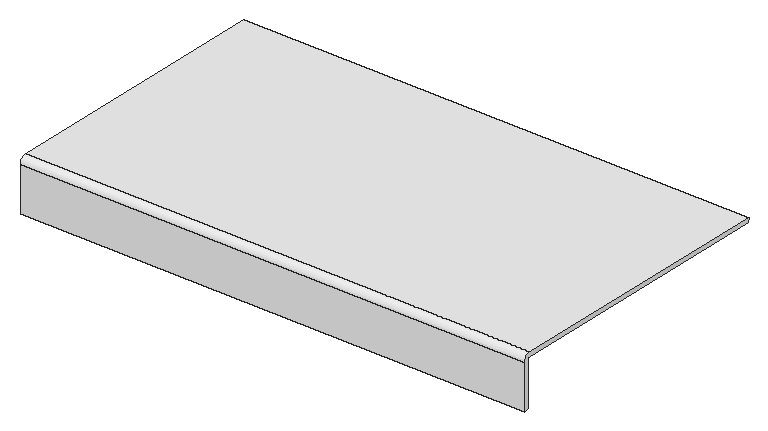
Revit family "JOMA_Gerberbeslag", category Structural Connections, host Face, Revit 2012
Parameters (values of type "5622120")
  t = 2.000 mm
  l = 120.000 mm
  h = 20.000 mm
  b = 220.000 mm
  Vikt = "0,46"
  Typ 220 Spikmönster 2 [instance] = and(Typ 220, Spikmönster 2, not(Spikmönster 1))  # no
  Typ 220 Spikmönster 1 [instance] = and(Typ 220, Spikmönster 1, not(Spikmönster 2))  # no
  Typ 220 = no
  Typ 200 Spikmönster 2 [instance] = and(Typ 200, Spikmönster 2, not(Spikmönster 1))  # no
  Typ 200 Spikmönster 1 [instance] = and(Typ 200, Spikmönster 1, not(Spikmönster 2))  # no
  Typ 200 = no
  Typ 180 Spikmönster 2 [instance] = and(Typ 180, Spikmönster 2, not(Spikmönster 1))  # no
  Typ 180 Spikmönster 1 [instance] = and(Typ 180, Spikmönster 1, not(Spikmönster 2))  # no
  Typ 180 = no
  Typ 160 Spikmönster 2 [instance] = and(Typ 160, Spikmönster 2, not(Spikmönster 1))  # no
  Typ 160 Spikmönster 1 [instance] = and(Typ 160, Spikmönster 1, not(Spikmönster 2))  # no
  Typ 160 = no
  Typ 140 Spikmönster 2 [instance] = and(Typ 140, Spikmönster 2, not(Spikmönster 1))  # no
  Typ 140 Spikmönster 1 [instance] = and(Typ 140, Spikmönster 1, not(Spikmönster 2))  # no
  Typ 140 = no
  Typ 120 Spikmönster 2 [instance] = and(Typ 120, Spikmönster 2, not(Spikmönster 1))  # no
  Typ 120 Spikmönster 1 [instance] = and(Typ 120, Spikmönster 1, not(Spikmönster 2))  # no
  Typ 120 = yes
  Typ = "TYP 120"
  Spikmönster 2 [instance] = no
  Spikmönster 1 [instance] = no
  Spik/skruv [instance] = "ANKARSPIK 4,0x40"
  Material = Varmförzinkad stålplåt
  Länk Joma Dimensioneringsverktyg = "http://www.joma.se/dimensioneringsverktyg"
  Default Elevation = 0.000 mm
  Antal spik/skruv [instance] = if(and(Spikmönster 1, Typ 120), 15, if(and(Spikmönster 1, Typ 140), 18, if(and(Spikmönster 1, Typ 160), 21, if(and(Spikmönster 1, Typ 180), 24, if(and(Spikmönster 1, Typ 200), 27, if(and(Spikmönster 1, Typ 220), 30, if(and(Spikmönster 2, Typ 120), 10, if(and(Spikmönster 2, Typ 140), 12, if(and(Spikmönster 2, Typ 160), 14, if(and(Spikmönster 2, Typ 180), 16, if(and(Spikmönster 2, Typ 200), 18, if(and(Spikmönster 2, Typ 220), 20, 0))))))))))))  # 0
Reference planes
  plane 1 "Center (Front/Back)": y = 0
  plane 2: z = 0
  plane 3 "Center (Left/Right)": x = 0
  plane 4: x = -110
  plane 5: x = 110
  plane 6: z = -20
  plane 7: y = 120
Forms (mm)
  Extrusion 1, solid, material "Varmförzinkad stålplåt" <- "Material"
    sketch origin (0, 0, 0) x (0, 1, 0) y (0, 0, 1)
      loop
        line (0, -20) -> (0, 0) -> (120, 0) -> (120, 2) -> (1, 2)
        arc (1, 2) -> (-1.121, 1.121) -> (-2, -1) r 3
        line (-2, -1) -> (-2, -20) -> (0, -20)
    from -110 to 110
Lines and regions (mm)
  symbolic lines, visible <- "Typ 220"
    curve 1: circle (-100, 210, 0) r 2.5 normal (0, 0, 1)
    curve 2: circle (-100, 190, 0) r 2.5 normal (0, 0, 1)
    curve 3: circle (-100, 170, 0) r 2.5 normal (0, 0, 1)
    curve 4: circle (-100, 150, 0) r 2.5 normal (0, 0, 1)
    curve 5: circle (-100, 130, 0) r 2.5 normal (0, 0, 1)
    curve 6: circle (-100, 110, 0) r 2.5 normal (0, 0, 1)
    curve 7: circle (-100, 90, 0) r 2.5 normal (0, 0, 1)
    curve 8: circle (-100, 70, 0) r 2.5 normal (0, 0, 1)
    curve 9: circle (-100, 50, 0) r 2.5 normal (0, 0, 1)
    curve 10: circle (-100, 30, 0) r 2.5 normal (0, 0, 1)
    curve 11: circle (-80, 200, 0) r 2.5 normal (0, 0, 1)
    curve 12: circle (-80, 180, 0) r 2.5 normal (0, 0, 1)
    curve 13: circle (-80, 160, 0) r 2.5 normal (0, 0, 1)
    curve 14: circle (-80, 140, 0) r 2.5 normal (0, 0, 1)
    curve 15: circle (-80, 120, 0) r 2.5 normal (0, 0, 1)
    curve 16: circle (-80, 100, 0) r 2.5 normal (0, 0, 1)
    curve 17: circle (-80, 80, 0) r 2.5 normal (0, 0, 1)
    curve 18: circle (-80, 60, 0) r 2.5 normal (0, 0, 1)
    curve 19: circle (-80, 40, 0) r 2.5 normal (0, 0, 1)
    curve 20: circle (-80, 20, 0) r 2.5 normal (0, 0, 1)
    curve 21: circle (-60, 210, 0) r 2.5 normal (0, 0, 1)
    curve 22: circle (-60, 190, 0) r 2.5 normal (0, 0, 1)
    curve 23: circle (-60, 170, 0) r 2.5 normal (0, 0, 1)
    curve 24: circle (-60, 150, 0) r 2.5 normal (0, 0, 1)
    curve 25: circle (-60, 130, 0) r 2.5 normal (0, 0, 1)
    curve 26: circle (-60, 110, 0) r 2.5 normal (0, 0, 1)
    curve 27: circle (-60, 90, 0) r 2.5 normal (0, 0, 1)
    curve 28: circle (-60, 70, 0) r 2.5 normal (0, 0, 1)
    curve 29: circle (-60, 50, 0) r 2.5 normal (0, 0, 1)
    curve 30: circle (-60, 30, 0) r 2.5 normal (0, 0, 1)
    curve 31: circle (100, 210, 0) r 2.5 normal (0, 0, -1)
    curve 32: circle (100, 190, 0) r 2.5 normal (0, 0, -1)
    curve 33: circle (100, 170, 0) r 2.5 normal (0, 0, -1)
    curve 34: circle (100, 150, 0) r 2.5 normal (0, 0, -1)
    curve 35: circle (100, 130, 0) r 2.5 normal (0, 0, -1)
    curve 36: circle (100, 110, 0) r 2.5 normal (0, 0, -1)
    curve 37: circle (100, 90, 0) r 2.5 normal (0, 0, -1)
    curve 38: circle (100, 70, 0) r 2.5 normal (0, 0, -1)
    curve 39: circle (100, 50, 0) r 2.5 normal (0, 0, -1)
    curve 40: circle (100, 30, 0) r 2.5 normal (0, 0, -1)
    curve 41: circle (80, 200, 0) r 2.5 normal (0, 0, -1)
    curve 42: circle (80, 180, 0) r 2.5 normal (0, 0, -1)
    curve 43: circle (80, 160, 0) r 2.5 normal (0, 0, -1)
    curve 44: circle (80, 140, 0) r 2.5 normal (0, 0, -1)
    curve 45: circle (80, 120, 0) r 2.5 normal (0, 0, -1)
    curve 46: circle (80, 100, 0) r 2.5 normal (0, 0, -1)
    curve 47: circle (80, 80, 0) r 2.5 normal (0, 0, -1)
    curve 48: circle (80, 60, 0) r 2.5 normal (0, 0, -1)
    curve 49: circle (80, 40, 0) r 2.5 normal (0, 0, -1)
    curve 50: circle (80, 20, 0) r 2.5 normal (0, 0, -1)
    curve 51: circle (60, 210, 0) r 2.5 normal (0, 0, -1)
    curve 52: circle (60, 190, 0) r 2.5 normal (0, 0, -1)
    curve 53: circle (60, 170, 0) r 2.5 normal (0, 0, -1)
    curve 54: circle (60, 150, 0) r 2.5 normal (0, 0, -1)
    curve 55: circle (60, 130, 0) r 2.5 normal (0, 0, -1)
    curve 56: circle (60, 110, 0) r 2.5 normal (0, 0, -1)
    curve 57: circle (60, 90, 0) r 2.5 normal (0, 0, -1)
    curve 58: circle (60, 70, 0) r 2.5 normal (0, 0, -1)
    curve 59: circle (60, 50, 0) r 2.5 normal (0, 0, -1)
    curve 60: circle (60, 30, 0) r 2.5 normal (0, 0, -1)
  symbolic lines, visible <- "Typ 200"
    curve 61: circle (-100, 190, 0) r 2.5 normal (0, 0, 1)
    curve 62: circle (-100, 170, 0) r 2.5 normal (0, 0, 1)
    curve 63: circle (-100, 150, 0) r 2.5 normal (0, 0, 1)
    curve 64: circle (-100, 130, 0) r 2.5 normal (0, 0, 1)
    curve 65: circle (-100, 110, 0) r 2.5 normal (0, 0, 1)
    curve 66: circle (-100, 90, 0) r 2.5 normal (0, 0, 1)
    curve 67: circle (-100, 70, 0) r 2.5 normal (0, 0, 1)
    curve 68: circle (-100, 50, 0) r 2.5 normal (0, 0, 1)
    curve 69: circle (-100, 30, 0) r 2.5 normal (0, 0, 1)
    curve 70: circle (-80, 180, 0) r 2.5 normal (0, 0, 1)
    curve 71: circle (-80, 160, 0) r 2.5 normal (0, 0, 1)
    curve 72: circle (-80, 140, 0) r 2.5 normal (0, 0, 1)
    curve 73: circle (-80, 120, 0) r 2.5 normal (0, 0, 1)
    curve 74: circle (-80, 100, 0) r 2.5 normal (0, 0, 1)
    curve 75: circle (-80, 80, 0) r 2.5 normal (0, 0, 1)
    curve 76: circle (-80, 60, 0) r 2.5 normal (0, 0, 1)
    curve 77: circle (-80, 40, 0) r 2.5 normal (0, 0, 1)
    curve 78: circle (-80, 20, 0) r 2.5 normal (0, 0, 1)
    curve 79: circle (-60, 190, 0) r 2.5 normal (0, 0, 1)
    curve 80: circle (-60, 170, 0) r 2.5 normal (0, 0, 1)
    curve 81: circle (-60, 150, 0) r 2.5 normal (0, 0, 1)
    curve 82: circle (-60, 130, 0) r 2.5 normal (0, 0, 1)
    curve 83: circle (-60, 110, 0) r 2.5 normal (0, 0, 1)
    curve 84: circle (-60, 90, 0) r 2.5 normal (0, 0, 1)
    curve 85: circle (-60, 70, 0) r 2.5 normal (0, 0, 1)
    curve 86: circle (-60, 50, 0) r 2.5 normal (0, 0, 1)
    curve 87: circle (-60, 30, 0) r 2.5 normal (0, 0, 1)
    curve 88: circle (100, 190, 0) r 2.5 normal (0, 0, -1)
    curve 89: circle (100, 170, 0) r 2.5 normal (0, 0, -1)
    curve 90: circle (100, 150, 0) r 2.5 normal (0, 0, -1)
    curve 91: circle (100, 130, 0) r 2.5 normal (0, 0, -1)
    curve 92: circle (100, 110, 0) r 2.5 normal (0, 0, -1)
    curve 93: circle (100, 90, 0) r 2.5 normal (0, 0, -1)
    curve 94: circle (100, 70, 0) r 2.5 normal (0, 0, -1)
    curve 95: circle (100, 50, 0) r 2.5 normal (0, 0, -1)
    curve 96: circle (100, 30, 0) r 2.5 normal (0, 0, -1)
    curve 97: circle (80, 180, 0) r 2.5 normal (0, 0, -1)
    curve 98: circle (80, 160, 0) r 2.5 normal (0, 0, -1)
    curve 99: circle (80, 140, 0) r 2.5 normal (0, 0, -1)
    curve 100: circle (80, 120, 0) r 2.5 normal (0, 0, -1)
    curve 101: circle (80, 100, 0) r 2.5 normal (0, 0, -1)
    curve 102: circle (80, 80, 0) r 2.5 normal (0, 0, -1)
    curve 103: circle (80, 60, 0) r 2.5 normal (0, 0, -1)
    curve 104: circle (80, 40, 0) r 2.5 normal (0, 0, -1)
    curve 105: circle (80, 20, 0) r 2.5 normal (0, 0, -1)
    curve 106: circle (60, 190, 0) r 2.5 normal (0, 0, -1)
    curve 107: circle (60, 170, 0) r 2.5 normal (0, 0, -1)
    curve 108: circle (60, 150, 0) r 2.5 normal (0, 0, -1)
    curve 109: circle (60, 130, 0) r 2.5 normal (0, 0, -1)
    curve 110: circle (60, 110, 0) r 2.5 normal (0, 0, -1)
    curve 111: circle (60, 90, 0) r 2.5 normal (0, 0, -1)
    curve 112: circle (60, 70, 0) r 2.5 normal (0, 0, -1)
    curve 113: circle (60, 50, 0) r 2.5 normal (0, 0, -1)
    curve 114: circle (60, 30, 0) r 2.5 normal (0, 0, -1)
  symbolic lines, visible <- "Typ 180"
    curve 115: circle (-100, 170, 0) r 2.5 normal (0, 0, 1)
    curve 116: circle (-100, 150, 0) r 2.5 normal (0, 0, 1)
    curve 117: circle (-100, 130, 0) r 2.5 normal (0, 0, 1)
    curve 118: circle (-100, 110, 0) r 2.5 normal (0, 0, 1)
    curve 119: circle (-100, 90, 0) r 2.5 normal (0, 0, 1)
    curve 120: circle (-100, 70, 0) r 2.5 normal (0, 0, 1)
    curve 121: circle (-100, 50, 0) r 2.5 normal (0, 0, 1)
    curve 122: circle (-100, 30, 0) r 2.5 normal (0, 0, 1)
    curve 123: circle (-80, 160, 0) r 2.5 normal (0, 0, 1)
    curve 124: circle (-80, 140, 0) r 2.5 normal (0, 0, 1)
    curve 125: circle (-80, 120, 0) r 2.5 normal (0, 0, 1)
    curve 126: circle (-80, 100, 0) r 2.5 normal (0, 0, 1)
    curve 127: circle (-80, 80, 0) r 2.5 normal (0, 0, 1)
    curve 128: circle (-80, 60, 0) r 2.5 normal (0, 0, 1)
    curve 129: circle (-80, 40, 0) r 2.5 normal (0, 0, 1)
    curve 130: circle (-80, 20, 0) r 2.5 normal (0, 0, 1)
    curve 131: circle (-60, 170, 0) r 2.5 normal (0, 0, 1)
    curve 132: circle (-60, 150, 0) r 2.5 normal (0, 0, 1)
    curve 133: circle (-60, 130, 0) r 2.5 normal (0, 0, 1)
    curve 134: circle (-60, 110, 0) r 2.5 normal (0, 0, 1)
    curve 135: circle (-60, 90, 0) r 2.5 normal (0, 0, 1)
    curve 136: circle (-60, 70, 0) r 2.5 normal (0, 0, 1)
    curve 137: circle (-60, 50, 0) r 2.5 normal (0, 0, 1)
    curve 138: circle (-60, 30, 0) r 2.5 normal (0, 0, 1)
    curve 139: circle (100, 170, 0) r 2.5 normal (0, 0, -1)
    curve 140: circle (100, 150, 0) r 2.5 normal (0, 0, -1)
    curve 141: circle (100, 130, 0) r 2.5 normal (0, 0, -1)
    curve 142: circle (100, 110, 0) r 2.5 normal (0, 0, -1)
    curve 143: circle (100, 90, 0) r 2.5 normal (0, 0, -1)
    curve 144: circle (100, 70, 0) r 2.5 normal (0, 0, -1)
    curve 145: circle (100, 50, 0) r 2.5 normal (0, 0, -1)
    curve 146: circle (100, 30, 0) r 2.5 normal (0, 0, -1)
    curve 147: circle (80, 160, 0) r 2.5 normal (0, 0, -1)
    curve 148: circle (80, 140, 0) r 2.5 normal (0, 0, -1)
    curve 149: circle (80, 120, 0) r 2.5 normal (0, 0, -1)
    curve 150: circle (80, 100, 0) r 2.5 normal (0, 0, -1)
    curve 151: circle (80, 80, 0) r 2.5 normal (0, 0, -1)
    curve 152: circle (80, 60, 0) r 2.5 normal (0, 0, -1)
    curve 153: circle (80, 40, 0) r 2.5 normal (0, 0, -1)
    curve 154: circle (80, 20, 0) r 2.5 normal (0, 0, -1)
    curve 155: circle (60, 170, 0) r 2.5 normal (0, 0, -1)
    curve 156: circle (60, 150, 0) r 2.5 normal (0, 0, -1)
    curve 157: circle (60, 130, 0) r 2.5 normal (0, 0, -1)
    curve 158: circle (60, 110, 0) r 2.5 normal (0, 0, -1)
    curve 159: circle (60, 90, 0) r 2.5 normal (0, 0, -1)
    curve 160: circle (60, 70, 0) r 2.5 normal (0, 0, -1)
    curve 161: circle (60, 50, 0) r 2.5 normal (0, 0, -1)
    curve 162: circle (60, 30, 0) r 2.5 normal (0, 0, -1)
  symbolic lines, visible <- "Typ 160"
    curve 163: circle (-100, 150, 0) r 2.5 normal (0, 0, 1)
    curve 164: circle (-100, 130, 0) r 2.5 normal (0, 0, 1)
    curve 165: circle (-100, 110, 0) r 2.5 normal (0, 0, 1)
    curve 166: circle (-100, 90, 0) r 2.5 normal (0, 0, 1)
    curve 167: circle (-100, 70, 0) r 2.5 normal (0, 0, 1)
    curve 168: circle (-100, 50, 0) r 2.5 normal (0, 0, 1)
    curve 169: circle (-100, 30, 0) r 2.5 normal (0, 0, 1)
    curve 170: circle (-80, 140, 0) r 2.5 normal (0, 0, 1)
    curve 171: circle (-80, 120, 0) r 2.5 normal (0, 0, 1)
    curve 172: circle (-80, 100, 0) r 2.5 normal (0, 0, 1)
    curve 173: circle (-80, 80, 0) r 2.5 normal (0, 0, 1)
    curve 174: circle (-80, 60, 0) r 2.5 normal (0, 0, 1)
    curve 175: circle (-80, 40, 0) r 2.5 normal (0, 0, 1)
    curve 176: circle (-80, 20, 0) r 2.5 normal (0, 0, 1)
    curve 177: circle (-60, 150, 0) r 2.5 normal (0, 0, 1)
    curve 178: circle (-60, 130, 0) r 2.5 normal (0, 0, 1)
    curve 179: circle (-60, 110, 0) r 2.5 normal (0, 0, 1)
    curve 180: circle (-60, 90, 0) r 2.5 normal (0, 0, 1)
    curve 181: circle (-60, 70, 0) r 2.5 normal (0, 0, 1)
    curve 182: circle (-60, 50, 0) r 2.5 normal (0, 0, 1)
    curve 183: circle (-60, 30, 0) r 2.5 normal (0, 0, 1)
    curve 184: circle (100, 150, 0) r 2.5 normal (0, 0, -1)
    curve 185: circle (100, 130, 0) r 2.5 normal (0, 0, -1)
    curve 186: circle (100, 110, 0) r 2.5 normal (0, 0, -1)
    curve 187: circle (100, 90, 0) r 2.5 normal (0, 0, -1)
    curve 188: circle (100, 70, 0) r 2.5 normal (0, 0, -1)
    curve 189: circle (100, 50, 0) r 2.5 normal (0, 0, -1)
    curve 190: circle (100, 30, 0) r 2.5 normal (0, 0, -1)
    curve 191: circle (80, 140, 0) r 2.5 normal (0, 0, -1)
    curve 192: circle (80, 120, 0) r 2.5 normal (0, 0, -1)
    curve 193: circle (80, 100, 0) r 2.5 normal (0, 0, -1)
    curve 194: circle (80, 80, 0) r 2.5 normal (0, 0, -1)
    curve 195: circle (80, 60, 0) r 2.5 normal (0, 0, -1)
    curve 196: circle (80, 40, 0) r 2.5 normal (0, 0, -1)
    curve 197: circle (80, 20, 0) r 2.5 normal (0, 0, -1)
    curve 198: circle (60, 150, 0) r 2.5 normal (0, 0, -1)
    curve 199: circle (60, 130, 0) r 2.5 normal (0, 0, -1)
    curve 200: circle (60, 110, 0) r 2.5 normal (0, 0, -1)
    curve 201: circle (60, 90, 0) r 2.5 normal (0, 0, -1)
    curve 202: circle (60, 70, 0) r 2.5 normal (0, 0, -1)
    curve 203: circle (60, 50, 0) r 2.5 normal (0, 0, -1)
    curve 204: circle (60, 30, 0) r 2.5 normal (0, 0, -1)
  symbolic lines, visible <- "Typ 140"
    curve 205: circle (-100, 130, 0) r 2.5 normal (0, 0, 1)
    curve 206: circle (-100, 110, 0) r 2.5 normal (0, 0, 1)
    curve 207: circle (-100, 90, 0) r 2.5 normal (0, 0, 1)
    curve 208: circle (-100, 70, 0) r 2.5 normal (0, 0, 1)
    curve 209: circle (-100, 50, 0) r 2.5 normal (0, 0, 1)
    curve 210: circle (-100, 30, 0) r 2.5 normal (0, 0, 1)
    curve 211: circle (-80, 120, 0) r 2.5 normal (0, 0, 1)
    curve 212: circle (-80, 100, 0) r 2.5 normal (0, 0, 1)
    curve 213: circle (-80, 80, 0) r 2.5 normal (0, 0, 1)
    curve 214: circle (-80, 60, 0) r 2.5 normal (0, 0, 1)
    curve 215: circle (-80, 40, 0) r 2.5 normal (0, 0, 1)
    curve 216: circle (-80, 20, 0) r 2.5 normal (0, 0, 1)
    curve 217: circle (-60, 130, 0) r 2.5 normal (0, 0, 1)
    curve 218: circle (-60, 110, 0) r 2.5 normal (0, 0, 1)
    curve 219: circle (-60, 90, 0) r 2.5 normal (0, 0, 1)
    curve 220: circle (-60, 70, 0) r 2.5 normal (0, 0, 1)
    curve 221: circle (-60, 50, 0) r 2.5 normal (0, 0, 1)
    curve 222: circle (-60, 30, 0) r 2.5 normal (0, 0, 1)
    curve 223: circle (100, 130, 0) r 2.5 normal (0, 0, -1)
    curve 224: circle (100, 110, 0) r 2.5 normal (0, 0, -1)
    curve 225: circle (100, 90, 0) r 2.5 normal (0, 0, -1)
    curve 226: circle (100, 70, 0) r 2.5 normal (0, 0, -1)
    curve 227: circle (100, 50, 0) r 2.5 normal (0, 0, -1)
    curve 228: circle (100, 30, 0) r 2.5 normal (0, 0, -1)
    curve 229: circle (80, 120, 0) r 2.5 normal (0, 0, -1)
    curve 230: circle (80, 100, 0) r 2.5 normal (0, 0, -1)
    curve 231: circle (80, 80, 0) r 2.5 normal (0, 0, -1)
    curve 232: circle (80, 60, 0) r 2.5 normal (0, 0, -1)
    curve 233: circle (80, 40, 0) r 2.5 normal (0, 0, -1)
    curve 234: circle (80, 20, 0) r 2.5 normal (0, 0, -1)
    curve 235: circle (60, 130, 0) r 2.5 normal (0, 0, -1)
    curve 236: circle (60, 110, 0) r 2.5 normal (0, 0, -1)
    curve 237: circle (60, 90, 0) r 2.5 normal (0, 0, -1)
    curve 238: circle (60, 70, 0) r 2.5 normal (0, 0, -1)
    curve 239: circle (60, 50, 0) r 2.5 normal (0, 0, -1)
    curve 240: circle (60, 30, 0) r 2.5 normal (0, 0, -1)
  symbolic lines, visible <- "Typ 120"
    curve 241: circle (-100, 110, 0) r 2.5 normal (0, 0, 1)
    curve 242: circle (-100, 90, 0) r 2.5 normal (0, 0, 1)
    curve 243: circle (-100, 70, 0) r 2.5 normal (0, 0, 1)
    curve 244: circle (-100, 50, 0) r 2.5 normal (0, 0, 1)
    curve 245: circle (-100, 30, 0) r 2.5 normal (0, 0, 1)
    curve 246: circle (-80, 100, 0) r 2.5 normal (0, 0, 1)
    curve 247: circle (-80, 80, 0) r 2.5 normal (0, 0, 1)
    curve 248: circle (-80, 60, 0) r 2.5 normal (0, 0, 1)
    curve 249: circle (-80, 40, 0) r 2.5 normal (0, 0, 1)
    curve 250: circle (-80, 20, 0) r 2.5 normal (0, 0, 1)
    curve 251: circle (-60, 110, 0) r 2.5 normal (0, 0, 1)
    curve 252: circle (-60, 90, 0) r 2.5 normal (0, 0, 1)
    curve 253: circle (-60, 70, 0) r 2.5 normal (0, 0, 1)
    curve 254: circle (-60, 50, 0) r 2.5 normal (0, 0, 1)
    curve 255: circle (-60, 30, 0) r 2.5 normal (0, 0, 1)
    curve 256: circle (100, 110, 0) r 2.5 normal (0, 0, -1)
    curve 257: circle (100, 90, 0) r 2.5 normal (0, 0, -1)
    curve 258: circle (100, 70, 0) r 2.5 normal (0, 0, -1)
    curve 259: circle (100, 50, 0) r 2.5 normal (0, 0, -1)
    curve 260: circle (100, 30, 0) r 2.5 normal (0, 0, -1)
    curve 261: circle (80, 100, 0) r 2.5 normal (0, 0, -1)
    curve 262: circle (80, 80, 0) r 2.5 normal (0, 0, -1)
    curve 263: circle (80, 60, 0) r 2.5 normal (0, 0, -1)
    curve 264: circle (80, 40, 0) r 2.5 normal (0, 0, -1)
    curve 265: circle (80, 20, 0) r 2.5 normal (0, 0, -1)
    curve 266: circle (60, 110, 0) r 2.5 normal (0, 0, -1)
    curve 267: circle (60, 90, 0) r 2.5 normal (0, 0, -1)
    curve 268: circle (60, 70, 0) r 2.5 normal (0, 0, -1)
    curve 269: circle (60, 50, 0) r 2.5 normal (0, 0, -1)
    curve 270: circle (60, 30, 0) r 2.5 normal (0, 0, -1)
  symbolic lines, visible <- "Typ 220", not visible
    curve 271: circle (-100, 210, 0) r 2.5 normal (0, 0, 1)
    curve 272: circle (-100, 190, 0) r 2.5 normal (0, 0, 1)
    curve 273: circle (-100, 170, 0) r 2.5 normal (0, 0, 1)
    curve 274: circle (-100, 150, 0) r 2.5 normal (0, 0, 1)
    curve 275: circle (-100, 130, 0) r 2.5 normal (0, 0, 1)
    curve 276: circle (-100, 110, 0) r 2.5 normal (0, 0, 1)
    curve 277: circle (-100, 90, 0) r 2.5 normal (0, 0, 1)
    curve 278: circle (-100, 70, 0) r 2.5 normal (0, 0, 1)
    curve 279: circle (-100, 50, 0) r 2.5 normal (0, 0, 1)
    curve 280: circle (-100, 30, 0) r 2.5 normal (0, 0, 1)
    curve 281: circle (-80, 200, 0) r 2.5 normal (0, 0, 1)
    curve 282: circle (-80, 180, 0) r 2.5 normal (0, 0, 1)
    curve 283: circle (-80, 160, 0) r 2.5 normal (0, 0, 1)
    curve 284: circle (-80, 140, 0) r 2.5 normal (0, 0, 1)
    curve 285: circle (-80, 120, 0) r 2.5 normal (0, 0, 1)
    curve 286: circle (-80, 100, 0) r 2.5 normal (0, 0, 1)
    curve 287: circle (-80, 80, 0) r 2.5 normal (0, 0, 1)
    curve 288: circle (-80, 60, 0) r 2.5 normal (0, 0, 1)
    curve 289: circle (-80, 40, 0) r 2.5 normal (0, 0, 1)
    curve 290: circle (-80, 20, 0) r 2.5 normal (0, 0, 1)
    curve 291: circle (-60, 210, 0) r 2.5 normal (0, 0, 1)
    curve 292: circle (-60, 190, 0) r 2.5 normal (0, 0, 1)
    curve 293: circle (-60, 170, 0) r 2.5 normal (0, 0, 1)
    curve 294: circle (-60, 150, 0) r 2.5 normal (0, 0, 1)
    curve 295: circle (-60, 130, 0) r 2.5 normal (0, 0, 1)
    curve 296: circle (-60, 110, 0) r 2.5 normal (0, 0, 1)
    curve 297: circle (-60, 90, 0) r 2.5 normal (0, 0, 1)
    curve 298: circle (-60, 70, 0) r 2.5 normal (0, 0, 1)
    curve 299: circle (-60, 50, 0) r 2.5 normal (0, 0, 1)
    curve 300: circle (-60, 30, 0) r 2.5 normal (0, 0, 1)
    curve 301: circle (100, 210, 0) r 2.5 normal (0, 0, -1)
    curve 302: circle (100, 190, 0) r 2.5 normal (0, 0, -1)
    curve 303: circle (100, 170, 0) r 2.5 normal (0, 0, -1)
    curve 304: circle (100, 150, 0) r 2.5 normal (0, 0, -1)
    curve 305: circle (100, 130, 0) r 2.5 normal (0, 0, -1)
    curve 306: circle (100, 110, 0) r 2.5 normal (0, 0, -1)
    curve 307: circle (100, 90, 0) r 2.5 normal (0, 0, -1)
    curve 308: circle (100, 70, 0) r 2.5 normal (0, 0, -1)
    curve 309: circle (100, 50, 0) r 2.5 normal (0, 0, -1)
    curve 310: circle (100, 30, 0) r 2.5 normal (0, 0, -1)
    curve 311: circle (80, 200, 0) r 2.5 normal (0, 0, -1)
    curve 312: circle (80, 180, 0) r 2.5 normal (0, 0, -1)
    curve 313: circle (80, 160, 0) r 2.5 normal (0, 0, -1)
    curve 314: circle (80, 140, 0) r 2.5 normal (0, 0, -1)
    curve 315: circle (80, 120, 0) r 2.5 normal (0, 0, -1)
    curve 316: circle (80, 100, 0) r 2.5 normal (0, 0, -1)
    curve 317: circle (80, 80, 0) r 2.5 normal (0, 0, -1)
    curve 318: circle (80, 60, 0) r 2.5 normal (0, 0, -1)
    curve 319: circle (80, 40, 0) r 2.5 normal (0, 0, -1)
    curve 320: circle (80, 20, 0) r 2.5 normal (0, 0, -1)
    curve 321: circle (60, 210, 0) r 2.5 normal (0, 0, -1)
    curve 322: circle (60, 190, 0) r 2.5 normal (0, 0, -1)
    curve 323: circle (60, 170, 0) r 2.5 normal (0, 0, -1)
    curve 324: circle (60, 150, 0) r 2.5 normal (0, 0, -1)
    curve 325: circle (60, 130, 0) r 2.5 normal (0, 0, -1)
    curve 326: circle (60, 110, 0) r 2.5 normal (0, 0, -1)
    curve 327: circle (60, 90, 0) r 2.5 normal (0, 0, -1)
    curve 328: circle (60, 70, 0) r 2.5 normal (0, 0, -1)
    curve 329: circle (60, 50, 0) r 2.5 normal (0, 0, -1)
    curve 330: circle (60, 30, 0) r 2.5 normal (0, 0, -1)
  symbolic lines, visible <- "Typ 200", not visible
    curve 331: circle (180, 190, 0) r 2.5 normal (0, 0, 1)
    curve 332: circle (180, 170, 0) r 2.5 normal (0, 0, 1)
    curve 333: circle (180, 150, 0) r 2.5 normal (0, 0, 1)
    curve 334: circle (180, 130, 0) r 2.5 normal (0, 0, 1)
    curve 335: circle (180, 110, 0) r 2.5 normal (0, 0, 1)
    curve 336: circle (180, 90, 0) r 2.5 normal (0, 0, 1)
    curve 337: circle (180, 70, 0) r 2.5 normal (0, 0, 1)
    curve 338: circle (180, 50, 0) r 2.5 normal (0, 0, 1)
    curve 339: circle (180, 30, 0) r 2.5 normal (0, 0, 1)
    curve 340: circle (200, 180, 0) r 2.5 normal (0, 0, 1)
    curve 341: circle (200, 160, 0) r 2.5 normal (0, 0, 1)
    curve 342: circle (200, 140, 0) r 2.5 normal (0, 0, 1)
    curve 343: circle (200, 120, 0) r 2.5 normal (0, 0, 1)
    curve 344: circle (200, 100, 0) r 2.5 normal (0, 0, 1)
    curve 345: circle (200, 80, 0) r 2.5 normal (0, 0, 1)
    curve 346: circle (200, 60, 0) r 2.5 normal (0, 0, 1)
    curve 347: circle (200, 40, 0) r 2.5 normal (0, 0, 1)
    curve 348: circle (200, 20, 0) r 2.5 normal (0, 0, 1)
    curve 349: circle (220, 190, 0) r 2.5 normal (0, 0, 1)
    curve 350: circle (220, 170, 0) r 2.5 normal (0, 0, 1)
    curve 351: circle (220, 150, 0) r 2.5 normal (0, 0, 1)
    curve 352: circle (220, 130, 0) r 2.5 normal (0, 0, 1)
    curve 353: circle (220, 110, 0) r 2.5 normal (0, 0, 1)
    curve 354: circle (220, 90, 0) r 2.5 normal (0, 0, 1)
    curve 355: circle (220, 70, 0) r 2.5 normal (0, 0, 1)
    curve 356: circle (220, 50, 0) r 2.5 normal (0, 0, 1)
    curve 357: circle (220, 30, 0) r 2.5 normal (0, 0, 1)
    curve 358: circle (380, 190, 0) r 2.5 normal (0, 0, -1)
    curve 359: circle (380, 170, 0) r 2.5 normal (0, 0, -1)
    curve 360: circle (380, 150, 0) r 2.5 normal (0, 0, -1)
    curve 361: circle (380, 130, 0) r 2.5 normal (0, 0, -1)
    curve 362: circle (380, 110, 0) r 2.5 normal (0, 0, -1)
    curve 363: circle (380, 90, 0) r 2.5 normal (0, 0, -1)
    curve 364: circle (380, 70, 0) r 2.5 normal (0, 0, -1)
    curve 365: circle (380, 50, 0) r 2.5 normal (0, 0, -1)
    curve 366: circle (380, 30, 0) r 2.5 normal (0, 0, -1)
    curve 367: circle (360, 180, 0) r 2.5 normal (0, 0, -1)
    curve 368: circle (360, 160, 0) r 2.5 normal (0, 0, -1)
    curve 369: circle (360, 140, 0) r 2.5 normal (0, 0, -1)
    curve 370: circle (360, 120, 0) r 2.5 normal (0, 0, -1)
    curve 371: circle (360, 100, 0) r 2.5 normal (0, 0, -1)
    curve 372: circle (360, 80, 0) r 2.5 normal (0, 0, -1)
    curve 373: circle (360, 60, 0) r 2.5 normal (0, 0, -1)
    curve 374: circle (360, 40, 0) r 2.5 normal (0, 0, -1)
    curve 375: circle (360, 20, 0) r 2.5 normal (0, 0, -1)
    curve 376: circle (340, 190, 0) r 2.5 normal (0, 0, -1)
    curve 377: circle (340, 170, 0) r 2.5 normal (0, 0, -1)
    curve 378: circle (340, 150, 0) r 2.5 normal (0, 0, -1)
    curve 379: circle (340, 130, 0) r 2.5 normal (0, 0, -1)
    curve 380: circle (340, 110, 0) r 2.5 normal (0, 0, -1)
    curve 381: circle (340, 90, 0) r 2.5 normal (0, 0, -1)
    curve 382: circle (340, 70, 0) r 2.5 normal (0, 0, -1)
    curve 383: circle (340, 50, 0) r 2.5 normal (0, 0, -1)
    curve 384: circle (340, 30, 0) r 2.5 normal (0, 0, -1)
  symbolic lines, visible <- "Typ 180", not visible
    curve 385: circle (460, 170, 0) r 2.5 normal (0, 0, 1)
    curve 386: circle (460, 150, 0) r 2.5 normal (0, 0, 1)
    curve 387: circle (460, 130, 0) r 2.5 normal (0, 0, 1)
    curve 388: circle (460, 110, 0) r 2.5 normal (0, 0, 1)
    curve 389: circle (460, 90, 0) r 2.5 normal (0, 0, 1)
    curve 390: circle (460, 70, 0) r 2.5 normal (0, 0, 1)
    curve 391: circle (460, 50, 0) r 2.5 normal (0, 0, 1)
    curve 392: circle (460, 30, 0) r 2.5 normal (0, 0, 1)
    curve 393: circle (480, 160, 0) r 2.5 normal (0, 0, 1)
    curve 394: circle (480, 140, 0) r 2.5 normal (0, 0, 1)
    curve 395: circle (480, 120, 0) r 2.5 normal (0, 0, 1)
    curve 396: circle (480, 100, 0) r 2.5 normal (0, 0, 1)
    curve 397: circle (480, 80, 0) r 2.5 normal (0, 0, 1)
    curve 398: circle (480, 60, 0) r 2.5 normal (0, 0, 1)
    curve 399: circle (480, 40, 0) r 2.5 normal (0, 0, 1)
    curve 400: circle (480, 20, 0) r 2.5 normal (0, 0, 1)
    curve 401: circle (500, 170, 0) r 2.5 normal (0, 0, 1)
    curve 402: circle (500, 150, 0) r 2.5 normal (0, 0, 1)
    curve 403: circle (500, 130, 0) r 2.5 normal (0, 0, 1)
    curve 404: circle (500, 110, 0) r 2.5 normal (0, 0, 1)
    curve 405: circle (500, 90, 0) r 2.5 normal (0, 0, 1)
    curve 406: circle (500, 70, 0) r 2.5 normal (0, 0, 1)
    curve 407: circle (500, 50, 0) r 2.5 normal (0, 0, 1)
    curve 408: circle (500, 30, 0) r 2.5 normal (0, 0, 1)
    curve 409: circle (660, 170, 0) r 2.5 normal (0, 0, -1)
    curve 410: circle (660, 150, 0) r 2.5 normal (0, 0, -1)
    curve 411: circle (660, 130, 0) r 2.5 normal (0, 0, -1)
    curve 412: circle (660, 110, 0) r 2.5 normal (0, 0, -1)
    curve 413: circle (660, 90, 0) r 2.5 normal (0, 0, -1)
    curve 414: circle (660, 70, 0) r 2.5 normal (0, 0, -1)
    curve 415: circle (660, 50, 0) r 2.5 normal (0, 0, -1)
    curve 416: circle (660, 30, 0) r 2.5 normal (0, 0, -1)
    curve 417: circle (640, 160, 0) r 2.5 normal (0, 0, -1)
    curve 418: circle (640, 140, 0) r 2.5 normal (0, 0, -1)
    curve 419: circle (640, 120, 0) r 2.5 normal (0, 0, -1)
    curve 420: circle (640, 100, 0) r 2.5 normal (0, 0, -1)
    curve 421: circle (640, 80, 0) r 2.5 normal (0, 0, -1)
    curve 422: circle (640, 60, 0) r 2.5 normal (0, 0, -1)
    curve 423: circle (640, 40, 0) r 2.5 normal (0, 0, -1)
    curve 424: circle (640, 20, 0) r 2.5 normal (0, 0, -1)
    curve 425: circle (620, 170, 0) r 2.5 normal (0, 0, -1)
    curve 426: circle (620, 150, 0) r 2.5 normal (0, 0, -1)
    curve 427: circle (620, 130, 0) r 2.5 normal (0, 0, -1)
    curve 428: circle (620, 110, 0) r 2.5 normal (0, 0, -1)
    curve 429: circle (620, 90, 0) r 2.5 normal (0, 0, -1)
    curve 430: circle (620, 70, 0) r 2.5 normal (0, 0, -1)
    curve 431: circle (620, 50, 0) r 2.5 normal (0, 0, -1)
    curve 432: circle (620, 30, 0) r 2.5 normal (0, 0, -1)
  symbolic lines, visible <- "Typ 160", not visible
    curve 433: circle (745, 150, 0) r 2.5 normal (0, 0, 1)
    curve 434: circle (745, 130, 0) r 2.5 normal (0, 0, 1)
    curve 435: circle (745, 110, 0) r 2.5 normal (0, 0, 1)
    curve 436: circle (745, 90, 0) r 2.5 normal (0, 0, 1)
    curve 437: circle (745, 70, 0) r 2.5 normal (0, 0, 1)
    curve 438: circle (745, 50, 0) r 2.5 normal (0, 0, 1)
    curve 439: circle (745, 30, 0) r 2.5 normal (0, 0, 1)
    curve 440: circle (765, 140, 0) r 2.5 normal (0, 0, 1)
    curve 441: circle (765, 120, 0) r 2.5 normal (0, 0, 1)
    curve 442: circle (765, 100, 0) r 2.5 normal (0, 0, 1)
    curve 443: circle (765, 80, 0) r 2.5 normal (0, 0, 1)
    curve 444: circle (765, 60, 0) r 2.5 normal (0, 0, 1)
    curve 445: circle (765, 40, 0) r 2.5 normal (0, 0, 1)
    curve 446: circle (765, 20, 0) r 2.5 normal (0, 0, 1)
    curve 447: circle (785, 150, 0) r 2.5 normal (0, 0, 1)
    curve 448: circle (785, 130, 0) r 2.5 normal (0, 0, 1)
    curve 449: circle (785, 110, 0) r 2.5 normal (0, 0, 1)
    curve 450: circle (785, 90, 0) r 2.5 normal (0, 0, 1)
    curve 451: circle (785, 70, 0) r 2.5 normal (0, 0, 1)
    curve 452: circle (785, 50, 0) r 2.5 normal (0, 0, 1)
    curve 453: circle (785, 30, 0) r 2.5 normal (0, 0, 1)
    curve 454: circle (945, 150, 0) r 2.5 normal (0, 0, -1)
    curve 455: circle (945, 130, 0) r 2.5 normal (0, 0, -1)
    curve 456: circle (945, 110, 0) r 2.5 normal (0, 0, -1)
    curve 457: circle (945, 90, 0) r 2.5 normal (0, 0, -1)
    curve 458: circle (945, 70, 0) r 2.5 normal (0, 0, -1)
    curve 459: circle (945, 50, 0) r 2.5 normal (0, 0, -1)
    curve 460: circle (945, 30, 0) r 2.5 normal (0, 0, -1)
    curve 461: circle (925, 140, 0) r 2.5 normal (0, 0, -1)
    curve 462: circle (925, 120, 0) r 2.5 normal (0, 0, -1)
    curve 463: circle (925, 100, 0) r 2.5 normal (0, 0, -1)
    curve 464: circle (925, 80, 0) r 2.5 normal (0, 0, -1)
    curve 465: circle (925, 60, 0) r 2.5 normal (0, 0, -1)
    curve 466: circle (925, 40, 0) r 2.5 normal (0, 0, -1)
    curve 467: circle (925, 20, 0) r 2.5 normal (0, 0, -1)
    curve 468: circle (905, 150, 0) r 2.5 normal (0, 0, -1)
    curve 469: circle (905, 130, 0) r 2.5 normal (0, 0, -1)
    curve 470: circle (905, 110, 0) r 2.5 normal (0, 0, -1)
    curve 471: circle (905, 90, 0) r 2.5 normal (0, 0, -1)
    curve 472: circle (905, 70, 0) r 2.5 normal (0, 0, -1)
    curve 473: circle (905, 50, 0) r 2.5 normal (0, 0, -1)
    curve 474: circle (905, 30, 0) r 2.5 normal (0, 0, -1)
  symbolic lines, visible <- "Typ 140", not visible
    curve 475: circle (1025, 130, 0) r 2.5 normal (0, 0, 1)
    curve 476: circle (1025, 110, 0) r 2.5 normal (0, 0, 1)
    curve 477: circle (1025, 90, 0) r 2.5 normal (0, 0, 1)
    curve 478: circle (1025, 70, 0) r 2.5 normal (0, 0, 1)
    curve 479: circle (1025, 50, 0) r 2.5 normal (0, 0, 1)
    curve 480: circle (1025, 30, 0) r 2.5 normal (0, 0, 1)
    curve 481: circle (1045, 120, 0) r 2.5 normal (0, 0, 1)
    curve 482: circle (1045, 100, 0) r 2.5 normal (0, 0, 1)
    curve 483: circle (1045, 80, 0) r 2.5 normal (0, 0, 1)
    curve 484: circle (1045, 60, 0) r 2.5 normal (0, 0, 1)
    curve 485: circle (1045, 40, 0) r 2.5 normal (0, 0, 1)
    curve 486: circle (1045, 20, 0) r 2.5 normal (0, 0, 1)
    curve 487: circle (1065, 130, 0) r 2.5 normal (0, 0, 1)
    curve 488: circle (1065, 110, 0) r 2.5 normal (0, 0, 1)
    curve 489: circle (1065, 90, 0) r 2.5 normal (0, 0, 1)
    curve 490: circle (1065, 70, 0) r 2.5 normal (0, 0, 1)
    curve 491: circle (1065, 50, 0) r 2.5 normal (0, 0, 1)
    curve 492: circle (1065, 30, 0) r 2.5 normal (0, 0, 1)
    curve 493: circle (1225, 130, 0) r 2.5 normal (0, 0, -1)
    curve 494: circle (1225, 110, 0) r 2.5 normal (0, 0, -1)
    curve 495: circle (1225, 90, 0) r 2.5 normal (0, 0, -1)
    curve 496: circle (1225, 70, 0) r 2.5 normal (0, 0, -1)
    curve 497: circle (1225, 50, 0) r 2.5 normal (0, 0, -1)
    curve 498: circle (1225, 30, 0) r 2.5 normal (0, 0, -1)
    curve 499: circle (1205, 120, 0) r 2.5 normal (0, 0, -1)
    curve 500: circle (1205, 100, 0) r 2.5 normal (0, 0, -1)
    curve 501: circle (1205, 80, 0) r 2.5 normal (0, 0, -1)
    curve 502: circle (1205, 60, 0) r 2.5 normal (0, 0, -1)
    curve 503: circle (1205, 40, 0) r 2.5 normal (0, 0, -1)
    curve 504: circle (1205, 20, 0) r 2.5 normal (0, 0, -1)
    curve 505: circle (1185, 130, 0) r 2.5 normal (0, 0, -1)
    curve 506: circle (1185, 110, 0) r 2.5 normal (0, 0, -1)
    curve 507: circle (1185, 90, 0) r 2.5 normal (0, 0, -1)
    curve 508: circle (1185, 70, 0) r 2.5 normal (0, 0, -1)
    curve 509: circle (1185, 50, 0) r 2.5 normal (0, 0, -1)
    curve 510: circle (1185, 30, 0) r 2.5 normal (0, 0, -1)
  symbolic lines, visible <- "Typ 120", not visible
    curve 511: circle (1320, 110, 0) r 2.5 normal (0, 0, 1)
    curve 512: circle (1320, 90, 0) r 2.5 normal (0, 0, 1)
    curve 513: circle (1320, 70, 0) r 2.5 normal (0, 0, 1)
    curve 514: circle (1320, 50, 0) r 2.5 normal (0, 0, 1)
    curve 515: circle (1320, 30, 0) r 2.5 normal (0, 0, 1)
    curve 516: circle (1340, 100, 0) r 2.5 normal (0, 0, 1)
    curve 517: circle (1340, 80, 0) r 2.5 normal (0, 0, 1)
    curve 518: circle (1340, 60, 0) r 2.5 normal (0, 0, 1)
    curve 519: circle (1340, 40, 0) r 2.5 normal (0, 0, 1)
    curve 520: circle (1340, 20, 0) r 2.5 normal (0, 0, 1)
    curve 521: circle (1360, 110, 0) r 2.5 normal (0, 0, 1)
    curve 522: circle (1360, 90, 0) r 2.5 normal (0, 0, 1)
    curve 523: circle (1360, 70, 0) r 2.5 normal (0, 0, 1)
    curve 524: circle (1360, 50, 0) r 2.5 normal (0, 0, 1)
    curve 525: circle (1360, 30, 0) r 2.5 normal (0, 0, 1)
    curve 526: circle (1520, 110, 0) r 2.5 normal (0, 0, -1)
    curve 527: circle (1520, 90, 0) r 2.5 normal (0, 0, -1)
    curve 528: circle (1520, 70, 0) r 2.5 normal (0, 0, -1)
    curve 529: circle (1520, 50, 0) r 2.5 normal (0, 0, -1)
    curve 530: circle (1520, 30, 0) r 2.5 normal (0, 0, -1)
    curve 531: circle (1500, 100, 0) r 2.5 normal (0, 0, -1)
    curve 532: circle (1500, 80, 0) r 2.5 normal (0, 0, -1)
    curve 533: circle (1500, 60, 0) r 2.5 normal (0, 0, -1)
    curve 534: circle (1500, 40, 0) r 2.5 normal (0, 0, -1)
    curve 535: circle (1500, 20, 0) r 2.5 normal (0, 0, -1)
    curve 536: circle (1480, 110, 0) r 2.5 normal (0, 0, -1)
    curve 537: circle (1480, 90, 0) r 2.5 normal (0, 0, -1)
    curve 538: circle (1480, 70, 0) r 2.5 normal (0, 0, -1)
    curve 539: circle (1480, 50, 0) r 2.5 normal (0, 0, -1)
    curve 540: circle (1480, 30, 0) r 2.5 normal (0, 0, -1)
Dimensions and locks
  equal spacing: plane 5, plane 3 "Center (Left/Right)", plane 4
  "l": plane 1 "Center (Front/Back)" to plane 7
  "l": plane 1 "Center (Front/Back)" to Extrusion 1
  "b": plane 4 to plane 5
  "h": host face to plane 6
  "t": Extrusion 1 sketch curve to Extrusion 1 sketch curve
  "t": Extrusion 1 sketch curve to host face
  aligned and locked: plane 2 to host face
  aligned and locked: level to host face
  aligned and locked: plane 5 to Extrusion 1
  aligned and locked: Extrusion 1 to plane 4
Automatic sketch dimensions
  host sketch curve to host sketch curve = 2438.400 mm  (x2)
  Extrusion 1 sketch curve to plane 6 = 0.000 mm
  Extrusion 1 sketch curve to plane 1 "Center (Front/Back)" = 0.000 mm
  Extrusion 1 sketch curve to level = 0.000 mm
  Extrusion 1 sketch curve to plane 7 = 0.000 mm
  Extrusion 1 sketch curve to plane 1 "Center (Front/Back)" = 1.000 mm
Nested families
  nested 1: "Spikmönster" at (-100, 210, 0), visible <- "Typ 220 Spikmönster 1", type "Ø5"
  nested 2: "Spikmönster" at (-60, 210, 0), visible <- "Typ 220 Spikmönster 1", type "Ø5"
  nested 3: "Spikmönster" at (-80, 200, 0), visible <- "Typ 220 Spikmönster 1", type "Ø5"
  nested 4: "Spikmönster" at (-100, 190, 0), visible <- "Typ 220 Spikmönster 1", type "Ø5"
  nested 5: "Spikmönster" at (-60, 190, 0), visible <- "Typ 220 Spikmönster 1", type "Ø5"
  nested 6: "Spikmönster" at (-80, 180, 0), visible <- "Typ 220 Spikmönster 1", type "Ø5"
  nested 7: "Spikmönster" at (-100, 170, 0), visible <- "Typ 220 Spikmönster 1", type "Ø5"
  nested 8: "Spikmönster" at (-60, 170, 0), visible <- "Typ 220 Spikmönster 1", type "Ø5"
  nested 9: "Spikmönster" at (-80, 160, 0), visible <- "Typ 220 Spikmönster 1", type "Ø5"
  nested 10: "Spikmönster" at (-100, 150, 0), visible <- "Typ 220 Spikmönster 1", type "Ø5"
  nested 11: "Spikmönster" at (-60, 150, 0), visible <- "Typ 220 Spikmönster 1", type "Ø5"
  nested 12: "Spikmönster" at (-80, 140, 0), visible <- "Typ 220 Spikmönster 1", type "Ø5"
  nested 13: "Spikmönster" at (-100, 130, 0), visible <- "Typ 220 Spikmönster 1", type "Ø5"
  nested 14: "Spikmönster" at (-60, 130, 0), visible <- "Typ 220 Spikmönster 1", type "Ø5"
  nested 15: "Spikmönster" at (-80, 120, 0), visible <- "Typ 220 Spikmönster 1", type "Ø5"
  nested 16: "Spikmönster" at (-100, 110, 0), visible <- "Typ 220 Spikmönster 1", type "Ø5"
  nested 17: "Spikmönster" at (-60, 110, 0), visible <- "Typ 220 Spikmönster 1", type "Ø5"
  nested 18: "Spikmönster" at (-80, 100, 0), visible <- "Typ 220 Spikmönster 1", type "Ø5"
  nested 19: "Spikmönster" at (-100, 90, 0), visible <- "Typ 220 Spikmönster 1", type "Ø5"
  nested 20: "Spikmönster" at (-60, 90, 0), visible <- "Typ 220 Spikmönster 1", type "Ø5"
  nested 21: "Spikmönster" at (-80, 80, 0), visible <- "Typ 220 Spikmönster 1", type "Ø5"
  nested 22: "Spikmönster" at (-100, 70, 0), visible <- "Typ 220 Spikmönster 1", type "Ø5"
  nested 23: "Spikmönster" at (-60, 70, 0), visible <- "Typ 220 Spikmönster 1", type "Ø5"
  nested 24: "Spikmönster" at (-80, 60, 0), visible <- "Typ 220 Spikmönster 1", type "Ø5"
  nested 25: "Spikmönster" at (-100, 50, 0), visible <- "Typ 220 Spikmönster 1", type "Ø5"
  nested 26: "Spikmönster" at (-60, 50, 0), visible <- "Typ 220 Spikmönster 1", type "Ø5"
  nested 27: "Spikmönster" at (-80, 40, 0), visible <- "Typ 220 Spikmönster 1", type "Ø5"
  nested 28: "Spikmönster" at (-100, 30, 0), visible <- "Typ 220 Spikmönster 1", type "Ø5"
  nested 29: "Spikmönster" at (-60, 30, 0), visible <- "Typ 220 Spikmönster 1", type "Ø5"
  nested 30: "Spikmönster" at (-80, 20, 0), visible <- "Typ 220 Spikmönster 1", type "Ø5"
  nested 31: "Spikmönster" at (100, 210, 0) x (-1, 0, 0) z (0, 0, 1), visible <- "Typ 220 Spikmönster 1", type "Ø5"
  nested 32: "Spikmönster" at (60, 210, 0) x (-1, 0, 0) z (0, 0, 1), visible <- "Typ 220 Spikmönster 1", type "Ø5"
  nested 33: "Spikmönster" at (80, 200, 0) x (-1, 0, 0) z (0, 0, 1), visible <- "Typ 220 Spikmönster 1", type "Ø5"
  nested 34: "Spikmönster" at (100, 190, 0) x (-1, 0, 0) z (0, 0, 1), visible <- "Typ 220 Spikmönster 1", type "Ø5"
  nested 35: "Spikmönster" at (60, 190, 0) x (-1, 0, 0) z (0, 0, 1), visible <- "Typ 220 Spikmönster 1", type "Ø5"
  nested 36: "Spikmönster" at (80, 180, 0) x (-1, 0, 0) z (0, 0, 1), visible <- "Typ 220 Spikmönster 1", type "Ø5"
  nested 37: "Spikmönster" at (100, 170, 0) x (-1, 0, 0) z (0, 0, 1), visible <- "Typ 220 Spikmönster 1", type "Ø5"
  nested 38: "Spikmönster" at (60, 170, 0) x (-1, 0, 0) z (0, 0, 1), visible <- "Typ 220 Spikmönster 1", type "Ø5"
  nested 39: "Spikmönster" at (80, 160, 0) x (-1, 0, 0) z (0, 0, 1), visible <- "Typ 220 Spikmönster 1", type "Ø5"
  nested 40: "Spikmönster" at (100, 150, 0) x (-1, 0, 0) z (0, 0, 1), visible <- "Typ 220 Spikmönster 1", type "Ø5"
  nested 41: "Spikmönster" at (60, 150, 0) x (-1, 0, 0) z (0, 0, 1), visible <- "Typ 220 Spikmönster 1", type "Ø5"
  nested 42: "Spikmönster" at (80, 140, 0) x (-1, 0, 0) z (0, 0, 1), visible <- "Typ 220 Spikmönster 1", type "Ø5"
  nested 43: "Spikmönster" at (100, 130, 0) x (-1, 0, 0) z (0, 0, 1), visible <- "Typ 220 Spikmönster 1", type "Ø5"
  nested 44: "Spikmönster" at (60, 130, 0) x (-1, 0, 0) z (0, 0, 1), visible <- "Typ 220 Spikmönster 1", type "Ø5"
  nested 45: "Spikmönster" at (80, 120, 0) x (-1, 0, 0) z (0, 0, 1), visible <- "Typ 220 Spikmönster 1", type "Ø5"
  nested 46: "Spikmönster" at (100, 110, 0) x (-1, 0, 0) z (0, 0, 1), visible <- "Typ 220 Spikmönster 1", type "Ø5"
  nested 47: "Spikmönster" at (60, 110, 0) x (-1, 0, 0) z (0, 0, 1), visible <- "Typ 220 Spikmönster 1", type "Ø5"
  nested 48: "Spikmönster" at (80, 100, 0) x (-1, 0, 0) z (0, 0, 1), visible <- "Typ 220 Spikmönster 1", type "Ø5"
  nested 49: "Spikmönster" at (100, 90, 0) x (-1, 0, 0) z (0, 0, 1), visible <- "Typ 220 Spikmönster 1", type "Ø5"
  nested 50: "Spikmönster" at (60, 90, 0) x (-1, 0, 0) z (0, 0, 1), visible <- "Typ 220 Spikmönster 1", type "Ø5"
  nested 51: "Spikmönster" at (80, 80, 0) x (-1, 0, 0) z (0, 0, 1), visible <- "Typ 220 Spikmönster 1", type "Ø5"
  nested 52: "Spikmönster" at (100, 70, 0) x (-1, 0, 0) z (0, 0, 1), visible <- "Typ 220 Spikmönster 1", type "Ø5"
  nested 53: "Spikmönster" at (60, 70, 0) x (-1, 0, 0) z (0, 0, 1), visible <- "Typ 220 Spikmönster 1", type "Ø5"
  nested 54: "Spikmönster" at (80, 60, 0) x (-1, 0, 0) z (0, 0, 1), visible <- "Typ 220 Spikmönster 1", type "Ø5"
  nested 55: "Spikmönster" at (100, 50, 0) x (-1, 0, 0) z (0, 0, 1), visible <- "Typ 220 Spikmönster 1", type "Ø5"
  nested 56: "Spikmönster" at (60, 50, 0) x (-1, 0, 0) z (0, 0, 1), visible <- "Typ 220 Spikmönster 1", type "Ø5"
  nested 57: "Spikmönster" at (80, 40, 0) x (-1, 0, 0) z (0, 0, 1), visible <- "Typ 220 Spikmönster 1", type "Ø5"
  nested 58: "Spikmönster" at (100, 30, 0) x (-1, 0, 0) z (0, 0, 1), visible <- "Typ 220 Spikmönster 1", type "Ø5"
  nested 59: "Spikmönster" at (60, 30, 0) x (-1, 0, 0) z (0, 0, 1), visible <- "Typ 220 Spikmönster 1", type "Ø5"
  nested 60: "Spikmönster" at (80, 20, 0) x (-1, 0, 0) z (0, 0, 1), visible <- "Typ 220 Spikmönster 1", type "Ø5"
  nested 61: "Spikmönster" at (-100, 210, 0), visible <- "Typ 220 Spikmönster 2", type "Ø5"
  nested 62: "Spikmönster" at (-60, 210, 0), visible <- "Typ 220 Spikmönster 2", type "Ø5"
  nested 63: "Spikmönster" at (-100, 190, 0), visible <- "Typ 220 Spikmönster 2", type "Ø5"
  nested 64: "Spikmönster" at (-60, 190, 0), visible <- "Typ 220 Spikmönster 2", type "Ø5"
  nested 65: "Spikmönster" at (-100, 170, 0), visible <- "Typ 220 Spikmönster 2", type "Ø5"
  nested 66: "Spikmönster" at (-60, 170, 0), visible <- "Typ 220 Spikmönster 2", type "Ø5"
  nested 67: "Spikmönster" at (-100, 150, 0), visible <- "Typ 220 Spikmönster 2", type "Ø5"
  nested 68: "Spikmönster" at (-60, 150, 0), visible <- "Typ 220 Spikmönster 2", type "Ø5"
  nested 69: "Spikmönster" at (-100, 130, 0), visible <- "Typ 220 Spikmönster 2", type "Ø5"
  nested 70: "Spikmönster" at (-60, 130, 0), visible <- "Typ 220 Spikmönster 2", type "Ø5"
  nested 71: "Spikmönster" at (-100, 110, 0), visible <- "Typ 220 Spikmönster 2", type "Ø5"
  nested 72: "Spikmönster" at (-60, 110, 0), visible <- "Typ 220 Spikmönster 2", type "Ø5"
  nested 73: "Spikmönster" at (-100, 90, 0), visible <- "Typ 220 Spikmönster 2", type "Ø5"
  nested 74: "Spikmönster" at (-60, 90, 0), visible <- "Typ 220 Spikmönster 2", type "Ø5"
  nested 75: "Spikmönster" at (-100, 70, 0), visible <- "Typ 220 Spikmönster 2", type "Ø5"
  nested 76: "Spikmönster" at (-60, 70, 0), visible <- "Typ 220 Spikmönster 2", type "Ø5"
  nested 77: "Spikmönster" at (-100, 50, 0), visible <- "Typ 220 Spikmönster 2", type "Ø5"
  nested 78: "Spikmönster" at (-60, 50, 0), visible <- "Typ 220 Spikmönster 2", type "Ø5"
  nested 79: "Spikmönster" at (-100, 30, 0), visible <- "Typ 220 Spikmönster 2", type "Ø5"
  nested 80: "Spikmönster" at (-60, 30, 0), visible <- "Typ 220 Spikmönster 2", type "Ø5"
  nested 81: "Spikmönster" at (100, 210, 0) x (-1, 0, 0) z (0, 0, 1), visible <- "Typ 220 Spikmönster 2", type "Ø5"
  nested 82: "Spikmönster" at (60, 210, 0) x (-1, 0, 0) z (0, 0, 1), visible <- "Typ 220 Spikmönster 2", type "Ø5"
  nested 83: "Spikmönster" at (100, 190, 0) x (-1, 0, 0) z (0, 0, 1), visible <- "Typ 220 Spikmönster 2", type "Ø5"
  nested 84: "Spikmönster" at (60, 190, 0) x (-1, 0, 0) z (0, 0, 1), visible <- "Typ 220 Spikmönster 2", type "Ø5"
  nested 85: "Spikmönster" at (100, 170, 0) x (-1, 0, 0) z (0, 0, 1), visible <- "Typ 220 Spikmönster 2", type "Ø5"
  nested 86: "Spikmönster" at (60, 170, 0) x (-1, 0, 0) z (0, 0, 1), visible <- "Typ 220 Spikmönster 2", type "Ø5"
  nested 87: "Spikmönster" at (100, 150, 0) x (-1, 0, 0) z (0, 0, 1), visible <- "Typ 220 Spikmönster 2", type "Ø5"
  nested 88: "Spikmönster" at (60, 150, 0) x (-1, 0, 0) z (0, 0, 1), visible <- "Typ 220 Spikmönster 2", type "Ø5"
  nested 89: "Spikmönster" at (100, 130, 0) x (-1, 0, 0) z (0, 0, 1), visible <- "Typ 220 Spikmönster 2", type "Ø5"
  nested 90: "Spikmönster" at (60, 130, 0) x (-1, 0, 0) z (0, 0, 1), visible <- "Typ 220 Spikmönster 2", type "Ø5"
  nested 91: "Spikmönster" at (100, 110, 0) x (-1, 0, 0) z (0, 0, 1), visible <- "Typ 220 Spikmönster 2", type "Ø5"
  nested 92: "Spikmönster" at (60, 110, 0) x (-1, 0, 0) z (0, 0, 1), visible <- "Typ 220 Spikmönster 2", type "Ø5"
  nested 93: "Spikmönster" at (100, 90, 0) x (-1, 0, 0) z (0, 0, 1), visible <- "Typ 220 Spikmönster 2", type "Ø5"
  nested 94: "Spikmönster" at (60, 90, 0) x (-1, 0, 0) z (0, 0, 1), visible <- "Typ 220 Spikmönster 2", type "Ø5"
  nested 95: "Spikmönster" at (100, 70, 0) x (-1, 0, 0) z (0, 0, 1), visible <- "Typ 220 Spikmönster 2", type "Ø5"
  nested 96: "Spikmönster" at (60, 70, 0) x (-1, 0, 0) z (0, 0, 1), visible <- "Typ 220 Spikmönster 2", type "Ø5"
  nested 97: "Spikmönster" at (100, 50, 0) x (-1, 0, 0) z (0, 0, 1), visible <- "Typ 220 Spikmönster 2", type "Ø5"
  nested 98: "Spikmönster" at (60, 50, 0) x (-1, 0, 0) z (0, 0, 1), visible <- "Typ 220 Spikmönster 2", type "Ø5"
  nested 99: "Spikmönster" at (100, 30, 0) x (-1, 0, 0) z (0, 0, 1), visible <- "Typ 220 Spikmönster 2", type "Ø5"
  nested 100: "Spikmönster" at (60, 30, 0) x (-1, 0, 0) z (0, 0, 1), visible <- "Typ 220 Spikmönster 2", type "Ø5"
  nested 101: "Spikmönster" at (-100, 210, 0), visible <- "Typ 220 Spikmönster 1", type "Ø5", not visible
  nested 102: "Spikmönster" at (-60, 210, 0), visible <- "Typ 220 Spikmönster 1", type "Ø5", not visible
  nested 103: "Spikmönster" at (-80, 200, 0), visible <- "Typ 220 Spikmönster 1", type "Ø5", not visible
  nested 104: "Spikmönster" at (-100, 190, 0), visible <- "Typ 220 Spikmönster 1", type "Ø5", not visible
  nested 105: "Spikmönster" at (-60, 190, 0), visible <- "Typ 220 Spikmönster 1", type "Ø5", not visible
  nested 106: "Spikmönster" at (-80, 180, 0), visible <- "Typ 220 Spikmönster 1", type "Ø5", not visible
  nested 107: "Spikmönster" at (-100, 170, 0), visible <- "Typ 220 Spikmönster 1", type "Ø5", not visible
  nested 108: "Spikmönster" at (-60, 170, 0), visible <- "Typ 220 Spikmönster 1", type "Ø5", not visible
  nested 109: "Spikmönster" at (-80, 160, 0), visible <- "Typ 220 Spikmönster 1", type "Ø5", not visible
  nested 110: "Spikmönster" at (-100, 150, 0), visible <- "Typ 220 Spikmönster 1", type "Ø5", not visible
  nested 111: "Spikmönster" at (-60, 150, 0), visible <- "Typ 220 Spikmönster 1", type "Ø5", not visible
  nested 112: "Spikmönster" at (-80, 140, 0), visible <- "Typ 220 Spikmönster 1", type "Ø5", not visible
  nested 113: "Spikmönster" at (-100, 130, 0), visible <- "Typ 220 Spikmönster 1", type "Ø5", not visible
  nested 114: "Spikmönster" at (-60, 130, 0), visible <- "Typ 220 Spikmönster 1", type "Ø5", not visible
  nested 115: "Spikmönster" at (-80, 120, 0), visible <- "Typ 220 Spikmönster 1", type "Ø5", not visible
  nested 116: "Spikmönster" at (-100, 110, 0), visible <- "Typ 220 Spikmönster 1", type "Ø5", not visible
  nested 117: "Spikmönster" at (-60, 110, 0), visible <- "Typ 220 Spikmönster 1", type "Ø5", not visible
  nested 118: "Spikmönster" at (-80, 100, 0), visible <- "Typ 220 Spikmönster 1", type "Ø5", not visible
  nested 119: "Spikmönster" at (-100, 90, 0), visible <- "Typ 220 Spikmönster 1", type "Ø5", not visible
  nested 120: "Spikmönster" at (-60, 90, 0), visible <- "Typ 220 Spikmönster 1", type "Ø5", not visible
  nested 121: "Spikmönster" at (-80, 80, 0), visible <- "Typ 220 Spikmönster 1", type "Ø5", not visible
  nested 122: "Spikmönster" at (-100, 70, 0), visible <- "Typ 220 Spikmönster 1", type "Ø5", not visible
  nested 123: "Spikmönster" at (-60, 70, 0), visible <- "Typ 220 Spikmönster 1", type "Ø5", not visible
  nested 124: "Spikmönster" at (-80, 60, 0), visible <- "Typ 220 Spikmönster 1", type "Ø5", not visible
  nested 125: "Spikmönster" at (-100, 50, 0), visible <- "Typ 220 Spikmönster 1", type "Ø5", not visible
  nested 126: "Spikmönster" at (-60, 50, 0), visible <- "Typ 220 Spikmönster 1", type "Ø5", not visible
  nested 127: "Spikmönster" at (-80, 40, 0), visible <- "Typ 220 Spikmönster 1", type "Ø5", not visible
  nested 128: "Spikmönster" at (-100, 30, 0), visible <- "Typ 220 Spikmönster 1", type "Ø5", not visible
  nested 129: "Spikmönster" at (-60, 30, 0), visible <- "Typ 220 Spikmönster 1", type "Ø5", not visible
  nested 130: "Spikmönster" at (-80, 20, 0), visible <- "Typ 220 Spikmönster 1", type "Ø5", not visible
  nested 131: "Spikmönster" at (100, 210, 0) x (-1, 0, 0) z (0, 0, 1), visible <- "Typ 220 Spikmönster 1", type "Ø5", not visible
  nested 132: "Spikmönster" at (60, 210, 0) x (-1, 0, 0) z (0, 0, 1), visible <- "Typ 220 Spikmönster 1", type "Ø5", not visible
  nested 133: "Spikmönster" at (80, 200, 0) x (-1, 0, 0) z (0, 0, 1), visible <- "Typ 220 Spikmönster 1", type "Ø5", not visible
  nested 134: "Spikmönster" at (100, 190, 0) x (-1, 0, 0) z (0, 0, 1), visible <- "Typ 220 Spikmönster 1", type "Ø5", not visible
  nested 135: "Spikmönster" at (60, 190, 0) x (-1, 0, 0) z (0, 0, 1), visible <- "Typ 220 Spikmönster 1", type "Ø5", not visible
  nested 136: "Spikmönster" at (80, 180, 0) x (-1, 0, 0) z (0, 0, 1), visible <- "Typ 220 Spikmönster 1", type "Ø5", not visible
  nested 137: "Spikmönster" at (100, 170, 0) x (-1, 0, 0) z (0, 0, 1), visible <- "Typ 220 Spikmönster 1", type "Ø5", not visible
  nested 138: "Spikmönster" at (60, 170, 0) x (-1, 0, 0) z (0, 0, 1), visible <- "Typ 220 Spikmönster 1", type "Ø5", not visible
  nested 139: "Spikmönster" at (80, 160, 0) x (-1, 0, 0) z (0, 0, 1), visible <- "Typ 220 Spikmönster 1", type "Ø5", not visible
  nested 140: "Spikmönster" at (100, 150, 0) x (-1, 0, 0) z (0, 0, 1), visible <- "Typ 220 Spikmönster 1", type "Ø5", not visible
  nested 141: "Spikmönster" at (60, 150, 0) x (-1, 0, 0) z (0, 0, 1), visible <- "Typ 220 Spikmönster 1", type "Ø5", not visible
  nested 142: "Spikmönster" at (80, 140, 0) x (-1, 0, 0) z (0, 0, 1), visible <- "Typ 220 Spikmönster 1", type "Ø5", not visible
  nested 143: "Spikmönster" at (100, 130, 0) x (-1, 0, 0) z (0, 0, 1), visible <- "Typ 220 Spikmönster 1", type "Ø5", not visible
  nested 144: "Spikmönster" at (60, 130, 0) x (-1, 0, 0) z (0, 0, 1), visible <- "Typ 220 Spikmönster 1", type "Ø5", not visible
  nested 145: "Spikmönster" at (80, 120, 0) x (-1, 0, 0) z (0, 0, 1), visible <- "Typ 220 Spikmönster 1", type "Ø5", not visible
  nested 146: "Spikmönster" at (100, 110, 0) x (-1, 0, 0) z (0, 0, 1), visible <- "Typ 220 Spikmönster 1", type "Ø5", not visible
  nested 147: "Spikmönster" at (60, 110, 0) x (-1, 0, 0) z (0, 0, 1), visible <- "Typ 220 Spikmönster 1", type "Ø5", not visible
  nested 148: "Spikmönster" at (80, 100, 0) x (-1, 0, 0) z (0, 0, 1), visible <- "Typ 220 Spikmönster 1", type "Ø5", not visible
  nested 149: "Spikmönster" at (100, 90, 0) x (-1, 0, 0) z (0, 0, 1), visible <- "Typ 220 Spikmönster 1", type "Ø5", not visible
  nested 150: "Spikmönster" at (60, 90, 0) x (-1, 0, 0) z (0, 0, 1), visible <- "Typ 220 Spikmönster 1", type "Ø5", not visible
  nested 151: "Spikmönster" at (80, 80, 0) x (-1, 0, 0) z (0, 0, 1), visible <- "Typ 220 Spikmönster 1", type "Ø5", not visible
  nested 152: "Spikmönster" at (100, 70, 0) x (-1, 0, 0) z (0, 0, 1), visible <- "Typ 220 Spikmönster 1", type "Ø5", not visible
  nested 153: "Spikmönster" at (60, 70, 0) x (-1, 0, 0) z (0, 0, 1), visible <- "Typ 220 Spikmönster 1", type "Ø5", not visible
  nested 154: "Spikmönster" at (80, 60, 0) x (-1, 0, 0) z (0, 0, 1), visible <- "Typ 220 Spikmönster 1", type "Ø5", not visible
  nested 155: "Spikmönster" at (100, 50, 0) x (-1, 0, 0) z (0, 0, 1), visible <- "Typ 220 Spikmönster 1", type "Ø5", not visible
  nested 156: "Spikmönster" at (60, 50, 0) x (-1, 0, 0) z (0, 0, 1), visible <- "Typ 220 Spikmönster 1", type "Ø5", not visible
